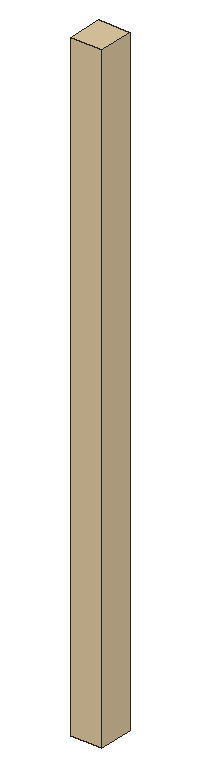
Revit family
Parameters (values of type "127 x 140")
  b = 127 mm
  d = 140 mm
  Keynote = "G20/330"
  Column Material [instance] = Wood - Dimensional Lumber
Types (3, lengths in mm): name | b
  (no name) | 127
  76 x 140 | 76
  127 x 140 | 127
Reference planes
  plane 1 "Center (Front/Back)": y = 0
  plane 2: z = 0
  plane 3 "Center (Left/Right)": x = 0
  plane 4: x = -63.5
  plane 5: x = 63.5
  plane 6: y = 70
  plane 7: y = -70
Forms (mm)
  Extrusion 1, solid, material "Wood - Dimensional Lumber" <- "Column Material", detail levels medium+fine
    sketch origin (0, 0, 0) x (1, 0, 0) y (0, 1, 0)
      loop
        line (-63.5, 70) -> (-63.5, -70) -> (63.5, -70) -> (63.5, 70) -> (-63.5, 70)
    from 0 to 2500
Lines and regions (mm)
  symbolic lines, style "StructuralColumnStickSymbols", detail levels coarse
    curve 1: line (-63.5, 70, 0) -> (63.5, 70, 0)
    curve 2: line (-63.5, -70, 0) -> (63.5, -70, 0)
    curve 3: line (-63.5, 70, 0) -> (-63.5, -70, 0)
    curve 4: line (63.5, 70, 0) -> (63.5, -70, 0)
Dimensions and locks
  equal spacing: plane 4, plane 3 "Center (Left/Right)", plane 5
  equal spacing: plane 7, plane 1 "Center (Front/Back)", plane 6
  "d": plane 7 to plane 6
  "b": plane 4 to plane 5
  aligned and locked: plane 6 to Extrusion 1 sketch curve
  aligned and locked: Extrusion 1 sketch curve to plane 7
  aligned and locked: Extrusion 1 sketch curve to plane 4
  aligned and locked: plane 5 to Extrusion 1 sketch curve
  aligned and locked: level to Extrusion 1
  aligned and locked: level to plane 2
  aligned and locked: Extrusion 1 to plane 2
Automatic sketch dimensions
  curve 3 to plane 4 = 0 mm
  curve 4 to plane 5 = 0 mm
  curve 3 to plane 7 = 0 mm
  curve 3 to plane 6 = 0 mm
